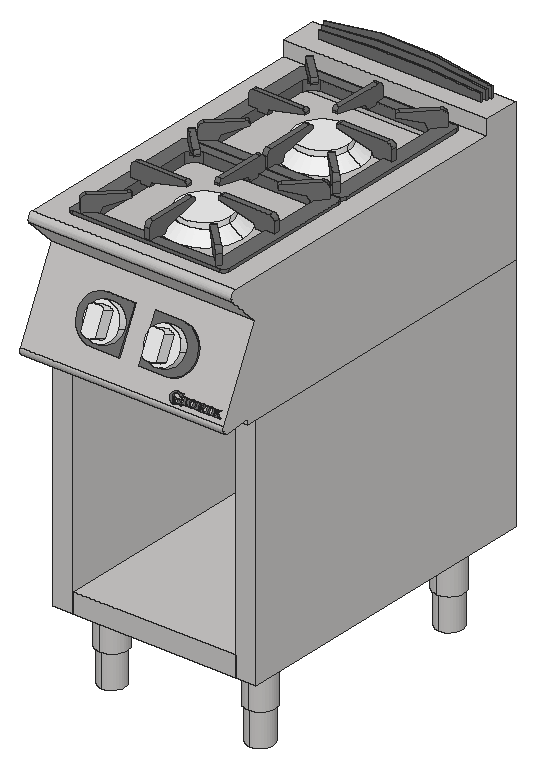
Revit family "QF_GIORIK_ECG720G", category Specialty Equipment, Revit 2014
Parameters (values of type "ECG720G")
  Weight in Pounds = 110.231
  URL Cutsheet = "www.giorik.com"
  URL = "www.giorik.com"
  Status [instance] = ""
  Specification by User [instance] = ""
  Specification by Manufacturer = ""
  Show Logo [instance] = yes
  Show Clearance [instance] = yes
  Serial Number = ""
  Seismic Rating = ""
  SMACNA No = ""
  Revision Code [instance] = ""
  NAFEM Spec ID Number = ""
  Model = "ECG720G"
  Mechanical Remarks [instance] = "Natural Gas"
  Mechanical Connection Type [instance] = ""
  Masterspec = ""
  Manufacturer = "GIORIK"
  Item Number [instance] = ""
  Installed By [instance] = ""
  Identify Quantity as Lot [instance] = no
  Gas Size = 1"
  Gas RI Height [instance] = 0 mm
  Gas KW = 9.5
  Gas Input = 9500 W
  Gas Connection Height [instance] = 150 mm
  Furnished By [instance] = ""
  Foodservice Equipment Identifier [instance] = yes
  Description = "2 BURNER GAS RANGE ON OPEN BASE UNIT"
  CSI MasterFormat = ""
  Assembly Code = "E1090320"
Reference planes
  plane 1 "Back": y = 0
  plane 2: z = 0
  plane 3 "Left": x = 0
  plane 4 "Right": x = 400
  plane 5 "Front": y = -720
  plane 6 "Top": z = 900
Forms (mm)
  Extrusion 1, solid
    sketch origin (-283.221, -963.345, 52.815) x (1, 0, 0) y (0, 0.452718, 0.891654)
      loop
        line (463.221, 676.25) -> (463.221, 766.25) -> (409.698, 766.25)
        arc (409.698, 766.25) -> (364.698, 721.25) -> (409.698, 676.25) r 45
        line (409.698, 676.25) -> (463.221, 676.25)
    from 48 to 50
  Extrusion 2, solid
    sketch origin (683.221, -963.345, 52.815) x (-1, 0, 0) y (0, -0.452718, -0.891654)
      loop
        line (463.221, -676.25) -> (409.698, -676.25)
        arc (409.698, -676.25) -> (364.698, -721.25) -> (409.698, -766.25) r 45
        line (409.698, -766.25) -> (463.221, -766.25) -> (463.221, -676.25)
    from 48 to 50
  Extrusion 3, solid
    sketch origin (-91.331, -1008.697, 75.411) x (1, 0, 0) y (0, 0.45351, 0.891251)
      loop
        circle (351.331, 721.346) r 35
    from 0 to 15
  Extrusion 4, solid
    sketch origin (-91.331, -1008.697, 75.411) x (1, 0, 0) y (0, 0.45351, 0.891251)
      loop
        line (336.331, 743.846) -> (336.331, 698.846)
        arc (336.331, 698.846) -> (351.331, 693.846) -> (366.331, 698.846) r 25
        line (366.331, 698.846) -> (366.331, 743.846)
        arc (366.331, 743.846) -> (351.331, 748.846) -> (336.331, 743.846) r 25
    from 15 to 40
  Extrusion 5, solid, visible <- "Show Logo"
    sketch origin (196.604, -736.761, 609.486) x (-1, 0, 0) y (0, 0.452718, 0.891654)
      loop
        line (-118.824, 58.358) -> (-127.804, 58.358) -> (-125.523, 56.445) -> (-125.523, 48.027) -> (-127.804, 46.113) -> (-118.824, 46.113) -> (-121.105, 48.027) -> (-121.105, 56.445) -> (-118.824, 58.358)
      loop
        line (-163.721, 58.358) -> (-172.7, 58.358) -> (-170.42, 56.445) -> (-170.42, 48.027) -> (-172.7, 46.113) -> (-163.721, 46.113) -> (-166.001, 48.027) -> (-166.001, 56.445) -> (-163.721, 58.358)
      loop
        line (-174.332, 58.358) -> (-183.312, 58.358) -> (-181.031, 56.445) -> (-181.031, 52.435) -> (-186.419, 56.955) -> (-184.416, 58.358) -> (-191.268, 58.358) -> (-188.01, 56.839) -> (-185.455, 54.283) -> (-190.846, 47.858) -> (-193.396, 46.93) -> (-193.396, 46.113) -> (-184.416, 46.113) -> (-185.437, 47.571) -> (-182.443, 51.552) -> (-181.031, 50.894) -> (-181.031, 48.027) -> (-183.312, 46.113) -> (-174.332, 46.113) -> (-176.613, 48.027) -> (-176.613, 56.445) -> (-174.332, 58.358)
      loop
        line (-115.429, 62.063) -> (-115.429, 54.198)
        arc (-115.429, 54.198) -> (-111.618, 57.803) -> (-106.847, 59.986) r 16.039
        arc (-106.847, 59.986) -> (-103.314, 59.837) -> (-100.512, 57.68) r 5.851
        arc (-100.512, 57.68) -> (-98.815, 52.267) -> (-100.512, 46.853) r 9.479
        arc (-100.512, 46.853) -> (-102.406, 44.986) -> (-104.846, 43.93) r 7.236
        arc (-104.846, 43.93) -> (-107.728, 44.111) -> (-110.052, 45.825) r 5.11
        line (-110.052, 45.825) -> (-110.052, 52.001) -> (-116.141, 52.001) -> (-116.141, 45.503) -> (-117.893, 43.751) -> (-114.094, 44.769)
        arc (-114.094, 44.769) -> (-112.56, 44.947) -> (-111.129, 44.366) r 3.115
        arc (-111.129, 44.366) -> (-104.216, 42.091) -> (-97.303, 44.366) r 11.641
        arc (-97.303, 44.366) -> (-93.396, 52.107) -> (-97.303, 59.849) r 9.622
        arc (-97.303, 59.849) -> (-104.369, 62.174) -> (-111.435, 59.849) r 11.898
        line (-111.435, 59.849) -> (-115.429, 62.063)
      loop
        arc (-129.234, 56.068) -> (-135.893, 58.628) -> (-142.552, 56.068) r 9.941
        arc (-142.552, 56.068) -> (-144.234, 52.286) -> (-142.552, 48.505) r 5.093
        arc (-142.552, 48.505) -> (-135.893, 45.945) -> (-129.234, 48.505) r 9.941
        arc (-129.234, 48.505) -> (-127.552, 52.286) -> (-129.234, 56.068) r 5.093
      loop
        arc (-132.628, 54.403) -> (-135.893, 57.668) -> (-139.158, 54.403) r 3.265
        line (-139.158, 54.403) -> (-139.158, 50.169)
        arc (-139.158, 50.169) -> (-135.893, 46.904) -> (-132.628, 50.169) r 3.265
        line (-132.628, 50.169) -> (-132.628, 54.403)
      loop
        arc (-156.363, 58.365) -> (-159.647, 55.081) -> (-156.363, 51.796) r 3.285
        line (-156.363, 51.796) -> (-159.529, 47.306) -> (-162.087, 46.113) -> (-155.847, 46.113) -> (-153.529, 51.083) -> (-150.637, 51.083) -> (-150.637, 47.784) -> (-153.022, 46.113) -> (-144.011, 46.113) -> (-146.094, 47.68) -> (-146.094, 56.493) -> (-144.229, 58.365) -> (-156.363, 58.365)
      loop
        line (-150.637, 57.512) -> (-153.637, 57.512)
        arc (-153.637, 57.512) -> (-156.237, 54.912) -> (-153.637, 52.312) r 2.6
        line (-153.637, 52.312) -> (-150.637, 52.312) -> (-150.637, 57.512)
      loop
        line (-108.924, 52.001) -> (-104.936, 49.005) -> (-100.948, 52.001) -> (-108.924, 52.001)
    from 1.5 to -0.5
  Extrusion 6, solid
    sketch origin (491.331, -1008.697, 75.411) x (-1, 0, 0) y (0, -0.45351, -0.891251)
      loop
        circle (351.331, -721.346) r 35
    from 0 to 15
  Extrusion 7, solid
    sketch origin (491.331, -1008.697, 75.411) x (-1, 0, 0) y (0, -0.45351, -0.891251)
      loop
        arc (336.331, -743.846) -> (351.331, -748.846) -> (366.331, -743.846) r 25
        line (366.331, -743.846) -> (366.331, -698.846)
        arc (366.331, -698.846) -> (351.331, -693.846) -> (336.331, -698.846) r 25
        line (336.331, -698.846) -> (336.331, -743.846)
    from 15 to 40
  Extrusion 8, solid
    sketch origin (-16, 1025.81, 0) x (1, 0, 0) y (0, 1, 0)
      loop
        line (25, -1086.81) -> (25, -1156.81) -> (115, -1156.81) -> (115, -1086.81) -> (25, -1086.81)
    from 148 to 150
  Extrusion 9, solid
    sketch origin (0, 0, 0) x (1, 0, 0) y (0, 1, 0)
      loop
        line (40, -40) -> (40, -640) -> (360, -640) -> (360, -40) -> (40, -40)
    from 150 to 190
  Extrusion 10, solid
    sketch origin (416, 1025.81, 0) x (-1, 0, 0) y (0, -1, 0)
      loop
        line (25, 1086.81) -> (115, 1086.81) -> (115, 1156.81) -> (25, 1156.81) -> (25, 1086.81)
    from 148 to 150
  Extrusion 11, solid
    sketch origin (-4, 0, 130) x (1, 0, 0) y (0, 1, 0)
      loop
        circle (54, -385) r 12.5
    from 0 to 20
  Extrusion 12, solid
    sketch origin (0, 1000, -20) x (0, 1, 0) y (0, 0, 1)
      loop
        line (-1000, 919.988) -> (-1070, 919.988) -> (-1070, 889.988) -> (-1688.806, 889.988)
        arc (-1688.806, 889.988) -> (-1699.151, 883.075) -> (-1696.724, 870.873) r 11.197
        line (-1696.724, 870.873) -> (-1640.876, 815.025) -> (-1718.948, 661.258)
        arc (-1718.948, 661.258) -> (-1718.233, 650.105) -> (-1708.118, 645.354) r 10.981
        line (-1708.118, 645.354) -> (-1660, 649.925) -> (-1660, 640) -> (-1000, 640) -> (-1000, 919.988)
    from 0 to 400
  Extrusion 13, solid
    sketch origin (0, 0, 599.536) x (1, 0, 0) y (0, 1, 0)
      loop
        line (0, -640) -> (40, -640) -> (40, -40) -> (360, -40) -> (360, -640) -> (400, -640) -> (400, 0) -> (0, 0) -> (0, -640)
    from -449.536 to 20.464
  Extrusion 14, solid
    sketch origin (0, 0, 0) x (1, 0, 0) y (0, 1, 0)
      loop
        line (40, -40) -> (40, -640) -> (360, -640) -> (360, -40) -> (40, -40)
    from 150 to 190
  Extrusion 15, solid
    sketch origin (-16, 560.81, 0) x (1, 0, 0) y (0, 1, 0)
      loop
        line (25, -1086.81) -> (25, -1156.81) -> (115, -1156.81) -> (115, -1086.81) -> (25, -1086.81)
    from 148 to 150
  Revolve 16, solid
    sketch origin (54, 560.81, 0) x (0, 1, 0) y (0, 0, 1)
      loop
        line (-1092.56, 66) -> (-1092.56, 148) -> (-1121.81, 148) -> (-1121.81, 0) -> (-1096.81, 0) -> (-1096.81, 66) -> (-1092.56, 66)
      axis (-1121.81, 0) -> (-1121.81, 148)
    angle from 0 to 360
  Extrusion 17, solid
    sketch origin (416, 560.81, 0) x (-1, 0, 0) y (0, -1, 0)
      loop
        line (25, 1086.81) -> (115, 1086.81) -> (115, 1156.81) -> (25, 1156.81) -> (25, 1086.81)
    from 148 to 150
  Extrusion 18, solid
    sketch origin (-94, 0, -10.001) x (1, 0, 0) y (0, 0, 1)
      loop
        line (135, 909.989) -> (453, 909.989) -> (453, 925.527) -> (347.056, 931.749) -> (240.944, 931.749) -> (135, 925.527) -> (135, 909.989)
    from 32 to 35
  Extrusion 19, solid
    sketch origin (-92, 10, -10.001) x (1, 0, 0) y (0, 0, 1)
      loop
        line (454, 909.989) -> (454, 928.527) -> (346.162, 939.193) -> (237.838, 939.193) -> (130, 928.527) -> (130, 909.989) -> (454, 909.989)
    from 32 to 35
  Extrusion 20, solid
    sketch origin (-90, 20, -10.001) x (1, 0, 0) y (0, 0, 1)
      loop
        line (455, 909.989) -> (455, 930.527) -> (345.396, 947.413) -> (234.604, 947.413) -> (125, 930.527) -> (125, 909.989) -> (455, 909.989)
    from 32 to 35
  Extrusion 21, void
    sketch origin (0, 0, 900) x (0, 1, 0) y (-1, 0, 0)
      loop
        arc (-90, -65) -> (-92.929, -57.929) -> (-100, -55) r 10
        line (-100, -55) -> (-640.565, -55)
        arc (-640.565, -55) -> (-647.636, -57.929) -> (-650.565, -65) r 10
        line (-650.565, -65) -> (-650.565, -335)
        arc (-650.565, -335) -> (-647.636, -342.071) -> (-640.565, -345) r 10
        line (-640.565, -345) -> (-100, -345)
        arc (-100, -345) -> (-92.929, -342.071) -> (-90, -335) r 10
        line (-90, -335) -> (-90, -65)
    from -30.012 to -60
  Revolve 22, solid
    sketch origin (346, 560.81, 0) x (0, 1, 0) y (0, 0, 1)
      loop
        line (-1092.56, 66) -> (-1092.56, 148) -> (-1121.81, 148) -> (-1121.81, 0) -> (-1096.81, 0) -> (-1096.81, 66) -> (-1092.56, 66)
      axis (-1121.81, 0) -> (-1121.81, 148)
    angle from 0 to 360
  Revolve 23, solid
    sketch origin (346, 1025.81, 0) x (0, 1, 0) y (0, 0, 1)
      loop
        line (-1092.56, 66) -> (-1092.56, 148) -> (-1121.81, 148) -> (-1121.81, 0) -> (-1096.81, 0) -> (-1096.81, 66) -> (-1092.56, 66)
      axis (-1121.81, 0) -> (-1121.81, 148)
    angle from 0 to 360
  Revolve 24, solid
    sketch origin (54, 1025.81, 0) x (0, 1, 0) y (0, 0, 1)
      loop
        line (-1092.56, 66) -> (-1092.56, 148) -> (-1121.81, 148) -> (-1121.81, 0) -> (-1096.81, 0) -> (-1096.81, 66) -> (-1092.56, 66)
      axis (-1121.81, 0) -> (-1121.81, 148)
    angle from 0 to 360
  Extrusion 25, solid
    sketch origin (0, 10, 22.988) x (1, 0, 0) y (0, 1, 0)
      loop
        line (45, -100) -> (45, -370)
        arc (45, -370) -> (47.929, -377.071) -> (55, -380) r 10
        line (55, -380) -> (345, -380)
        arc (345, -380) -> (352.071, -377.071) -> (355, -370) r 10
        line (355, -370) -> (355, -100)
        arc (355, -100) -> (352.071, -92.929) -> (345, -90) r 10
        line (345, -90) -> (55, -90)
        arc (55, -90) -> (47.929, -92.929) -> (45, -100) r 10
      loop
        arc (95, -110) -> (80.858, -115.858) -> (75, -130) r 20
        line (75, -130) -> (75, -340)
        arc (75, -340) -> (80.858, -354.142) -> (95, -360) r 20
        line (95, -360) -> (305, -360)
        arc (305, -360) -> (319.142, -354.142) -> (325, -340) r 20
        line (325, -340) -> (325, -130)
        arc (325, -130) -> (319.142, -115.858) -> (305, -110) r 20
        line (305, -110) -> (95, -110)
    from 831.989 to 851.989
  Extrusion 26, solid
    sketch origin (0, -750, 22.988) x (1, 0, 0) y (0, 1, 0)
      loop
        arc (45, 100) -> (47.929, 92.929) -> (55, 90) r 10
        line (55, 90) -> (345, 90)
        arc (345, 90) -> (352.071, 92.929) -> (355, 100) r 10
        line (355, 100) -> (355, 370)
        arc (355, 370) -> (352.071, 377.071) -> (345, 380) r 10
        line (345, 380) -> (55, 380)
        arc (55, 380) -> (47.929, 377.071) -> (45, 370) r 10
        line (45, 370) -> (45, 100)
      loop
        line (95, 110) -> (305, 110)
        arc (305, 110) -> (319.142, 115.858) -> (325, 130) r 20
        line (325, 130) -> (325, 340)
        arc (325, 340) -> (319.142, 354.142) -> (305, 360) r 20
        line (305, 360) -> (95, 360)
        arc (95, 360) -> (80.858, 354.142) -> (75, 340) r 20
        line (75, 340) -> (75, 130)
        arc (75, 130) -> (80.858, 115.858) -> (95, 110) r 20
    from 831.989 to 851.989
  Blend 27, solid
    base sketch origin (-0.046, -501.449, 910) x (0, -1, 0) y (1, 0, 0)
      loop
        circle (-276.449, 200.046) r 75
    top sketch origin (-0.046, -501.449, 910) x (0, -1, 0) y (1, 0, 0)
      loop
        circle (-276.449, 200.046) r 50
    from -70 to -50
  Extrusion 28, solid
    sketch origin (-0.046, 51.449, -19.988) x (1, 0, 0) y (0, 1, 0)
      loop
        circle (200.046, -276.449) r 50
    from 889.988 to 879.988
  Blend 29, solid
    base sketch origin (-0.046, -791.449, 910) x (0, -1, 0) y (1, 0, 0)
      loop
        circle (-276.449, 200.046) r 75
    top sketch origin (-0.046, -791.449, 910) x (0, -1, 0) y (1, 0, 0)
      loop
        circle (-276.449, 200.046) r 50
    from -70 to -50
  Extrusion 30, solid
    sketch origin (-0.046, -238.551, -19.988) x (1, 0, 0) y (0, 1, 0)
      loop
        circle (200.046, -276.449) r 50
    from 889.988 to 879.988
  Extrusion 31, solid
    sketch origin (240.72, -671.989, -66.001) x (0, 1, 0) y (0, 0, -1)
      loop
        line (15.989, -935.989) -> (15.989, -961)
        arc (15.989, -961) -> (18.918, -968.071) -> (25.989, -971) r 10
        line (25.989, -971) -> (119.989, -971)
        arc (119.989, -971) -> (124.232, -969.243) -> (125.989, -965) r 6
        line (125.989, -965) -> (125.989, -962) -> (55.875, -945.989) -> (52.235, -935.989) -> (15.989, -935.989)
    from 35.72 to 45.72
  Extrusion 32, solid
    sketch origin (30.305, -634.988, 2.19) x (0.707107, 0.707107, 0) y (0, 0, 1)
      loop
        line (85.748, 902.808) -> (21.748, 902.808)
        arc (21.748, 902.808) -> (14.677, 899.879) -> (11.748, 892.808) r 10
        line (11.748, 892.808) -> (11.748, 867.797) -> (40.514, 867.797) -> (46.895, 881.064) -> (91.748, 893.808) -> (91.748, 896.808)
        arc (91.748, 896.808) -> (89.991, 901.051) -> (85.748, 902.808) r 6
    from 30.148 to 40.148
  Extrusion 33, solid
    sketch origin (240.72, -358.011, -66.001) x (0, -1, 0) y (0, 0, 1)
      loop
        line (15.989, 935.989) -> (52.235, 935.989) -> (55.875, 945.989) -> (125.989, 962) -> (125.989, 965)
        arc (125.989, 965) -> (124.232, 969.243) -> (119.989, 971) r 6
        line (119.989, 971) -> (25.989, 971)
        arc (25.989, 971) -> (18.918, 968.071) -> (15.989, 961) r 10
        line (15.989, 961) -> (15.989, 935.989)
    from 35.72 to 45.72
  Extrusion 34, solid
    sketch origin (356.989, -555.72, -66.001) x (-1, 0, 0) y (0, 0, 1)
      loop
        line (15.989, 935.989) -> (52.235, 935.989) -> (55.875, 945.989) -> (125.989, 962) -> (125.989, 965)
        arc (125.989, 965) -> (124.232, 969.243) -> (119.989, 971) r 6
        line (119.989, 971) -> (25.989, 971)
        arc (25.989, 971) -> (18.918, 968.071) -> (15.989, 961) r 10
        line (15.989, 961) -> (15.989, 935.989)
    from 35.72 to 45.72
  Extrusion 35, solid
    sketch origin (43.011, -555.72, -66.001) x (1, 0, 0) y (0, 0, -1)
      loop
        line (15.989, -935.989) -> (15.989, -961)
        arc (15.989, -961) -> (18.918, -968.071) -> (25.989, -971) r 10
        line (25.989, -971) -> (119.989, -971)
        arc (119.989, -971) -> (124.232, -969.243) -> (125.989, -965) r 6
        line (125.989, -965) -> (125.989, -962) -> (55.875, -945.989) -> (52.235, -935.989) -> (15.989, -935.989)
    from 35.72 to 45.72
  Extrusion 36, solid
    sketch origin (369.695, -634.988, 2.19) x (-0.707107, 0.707107, 0) y (0, 0, -1)
      loop
        arc (85.748, -902.808) -> (89.991, -901.051) -> (91.748, -896.808) r 6
        line (91.748, -896.808) -> (91.748, -893.808) -> (46.895, -881.064) -> (40.514, -867.797) -> (11.748, -867.797) -> (11.748, -892.808)
        arc (11.748, -892.808) -> (14.677, -899.879) -> (21.748, -902.808) r 10
        line (21.748, -902.808) -> (85.748, -902.808)
    from 30.148 to 40.148
  Extrusion 37, solid
    sketch origin (369.695, -395.012, 2.19) x (-0.707107, -0.707107, 0) y (0, 0, 1)
      loop
        line (85.748, 902.808) -> (21.748, 902.808)
        arc (21.748, 902.808) -> (14.677, 899.879) -> (11.748, 892.808) r 10
        line (11.748, 892.808) -> (11.748, 867.797) -> (40.514, 867.797) -> (46.895, 881.064) -> (91.748, 893.808) -> (91.748, 896.808)
        arc (91.748, 896.808) -> (89.991, 901.051) -> (85.748, 902.808) r 6
    from 30.148 to 40.148
  Extrusion 38, solid
    sketch origin (30.305, -395.012, 2.19) x (0.707107, -0.707107, 0) y (0, 0, -1)
      loop
        arc (85.748, -902.808) -> (89.991, -901.051) -> (91.748, -896.808) r 6
        line (91.748, -896.808) -> (91.748, -893.808) -> (46.895, -881.064) -> (40.514, -867.797) -> (11.748, -867.797) -> (11.748, -892.808)
        arc (11.748, -892.808) -> (14.677, -899.879) -> (21.748, -902.808) r 10
        line (21.748, -902.808) -> (85.748, -902.808)
    from 30.148 to 40.148
  Extrusion 39, solid
    sketch origin (240.72, -68.011, -66.001) x (0, -1, 0) y (0, 0, 1)
      loop
        line (15.989, 935.989) -> (52.235, 935.989) -> (55.875, 945.989) -> (125.989, 962) -> (125.989, 965)
        arc (125.989, 965) -> (124.232, 969.243) -> (119.989, 971) r 6
        line (119.989, 971) -> (25.989, 971)
        arc (25.989, 971) -> (18.918, 968.071) -> (15.989, 961) r 10
        line (15.989, 961) -> (15.989, 935.989)
    from 35.72 to 45.72
  Extrusion 40, solid
    sketch origin (30.305, -105.012, 2.19) x (0.707107, -0.707107, 0) y (0, 0, -1)
      loop
        arc (85.748, -902.808) -> (89.991, -901.051) -> (91.748, -896.808) r 6
        line (91.748, -896.808) -> (91.748, -893.808) -> (46.895, -881.064) -> (40.514, -867.797) -> (11.748, -867.797) -> (11.748, -892.808)
        arc (11.748, -892.808) -> (14.677, -899.879) -> (21.748, -902.808) r 10
        line (21.748, -902.808) -> (85.748, -902.808)
    from 30.148 to 40.148
  Extrusion 41, solid
    sketch origin (240.72, -381.989, -66.001) x (0, 1, 0) y (0, 0, -1)
      loop
        line (15.989, -935.989) -> (15.989, -961)
        arc (15.989, -961) -> (18.918, -968.071) -> (25.989, -971) r 10
        line (25.989, -971) -> (119.989, -971)
        arc (119.989, -971) -> (124.232, -969.243) -> (125.989, -965) r 6
        line (125.989, -965) -> (125.989, -962) -> (55.875, -945.989) -> (52.235, -935.989) -> (15.989, -935.989)
    from 35.72 to 45.72
  Extrusion 42, solid
    sketch origin (356.989, -184.279, -66.001) x (-1, 0, 0) y (0, 0, -1)
      loop
        line (15.989, -935.989) -> (15.989, -961)
        arc (15.989, -961) -> (18.918, -968.071) -> (25.989, -971) r 10
        line (25.989, -971) -> (119.989, -971)
        arc (119.989, -971) -> (124.232, -969.243) -> (125.989, -965) r 6
        line (125.989, -965) -> (125.989, -962) -> (55.875, -945.989) -> (52.235, -935.989) -> (15.989, -935.989)
    from 35.72 to 45.72
  Extrusion 43, solid
    sketch origin (43.011, -184.279, -66.001) x (1, 0, 0) y (0, 0, 1)
      loop
        line (15.989, 935.989) -> (52.235, 935.989) -> (55.875, 945.989) -> (125.989, 962) -> (125.989, 965)
        arc (125.989, 965) -> (124.232, 969.243) -> (119.989, 971) r 6
        line (119.989, 971) -> (25.989, 971)
        arc (25.989, 971) -> (18.918, 968.071) -> (15.989, 961) r 10
        line (15.989, 961) -> (15.989, 935.989)
    from 35.72 to 45.72
  Extrusion 44, solid
    sketch origin (369.695, -105.012, 2.19) x (-0.707107, -0.707107, 0) y (0, 0, 1)
      loop
        line (85.748, 902.808) -> (21.748, 902.808)
        arc (21.748, 902.808) -> (14.677, 899.879) -> (11.748, 892.808) r 10
        line (11.748, 892.808) -> (11.748, 867.797) -> (40.514, 867.797) -> (46.895, 881.064) -> (91.748, 893.808) -> (91.748, 896.808)
        arc (91.748, 896.808) -> (89.991, 901.051) -> (85.748, 902.808) r 6
    from 30.148 to 40.148
  Extrusion 45, solid
    sketch origin (369.695, -344.988, 2.19) x (-0.707107, 0.707107, 0) y (0, 0, -1)
      loop
        arc (85.748, -902.808) -> (89.991, -901.051) -> (91.748, -896.808) r 6
        line (91.748, -896.808) -> (91.748, -893.808) -> (46.895, -881.064) -> (40.514, -867.797) -> (11.748, -867.797) -> (11.748, -892.808)
        arc (11.748, -892.808) -> (14.677, -899.879) -> (21.748, -902.808) r 10
        line (21.748, -902.808) -> (85.748, -902.808)
    from 30.148 to 40.148
  Extrusion 46, solid
    sketch origin (30.305, -344.988, 2.19) x (0.707107, 0.707107, 0) y (0, 0, 1)
      loop
        line (85.748, 902.808) -> (21.748, 902.808)
        arc (21.748, 902.808) -> (14.677, 899.879) -> (11.748, 892.808) r 10
        line (11.748, 892.808) -> (11.748, 867.797) -> (40.514, 867.797) -> (46.895, 881.064) -> (91.748, 893.808) -> (91.748, 896.808)
        arc (91.748, 896.808) -> (89.991, 901.051) -> (85.748, 902.808) r 6
    from 30.148 to 40.148
Cuts and joins
  Extrusion 21 cuts Extrusion 12
Lines and regions (mm)
  symbolic lines, style "200-EquipBorder-2D"
    curve 1: line (0, -720, 0) -> (400, -720, 0)
    curve 2: line (400, -720, 0) -> (400, 0, 0)
    curve 3: line (400, 0, 0) -> (0, 0, 0)
    curve 4: line (0, 0, 0) -> (0, -720, 0)
  symbolic lines, style "200-EquipInternal-2D"
    curve 5: line (35, -12, 900) -> (365, -12, 900)
    curve 6: line (365, -12, 900) -> (365, -15, 900)
    curve 7: line (365, -15, 900) -> (35, -15, 900)
    curve 8: line (35, -15, 900) -> (35, -12, 900)
    curve 9: line (38, -22, 900) -> (362, -22, 900)
    curve 10: line (362, -22, 900) -> (362, -25, 900)
    curve 11: line (362, -25, 900) -> (38, -25, 900)
    curve 12: line (38, -25, 900) -> (38, -22, 900)
    curve 13: line (41, -32, 900) -> (359, -32, 900)
    curve 14: line (359, -32, 900) -> (359, -35, 900)
    curve 15: line (359, -35, 900) -> (41, -35, 900)
    curve 16: line (41, -35, 900) -> (41, -32, 900)
    curve 17: line (345, -370, 900) -> (55, -370, 900)
    curve 18: arc (345, -370, 900) -> (352.071, -367.071, 900) -> (355, -360, 900) r 10
    curve 19: line (355, -360, 900) -> (355, -90, 900)
    curve 20: arc (45, -360, 900) -> (47.929, -367.071, 900) -> (55, -370, 900) r 10
    curve 21: line (45, -90, 900) -> (45, -360, 900)
    curve 22: line (345, -80, 900) -> (55, -80, 900)
    curve 23: arc (55, -80, 900) -> (47.929, -82.929, 900) -> (45, -90, 900) r 10
    curve 24: arc (355, -90, 900) -> (352.071, -82.929, 900) -> (345, -80, 900) r 10
    curve 25: line (0, -70, 900) -> (400, -70, 900)
    curve 26: arc (75, -330, 900) -> (75.705, -335.264, 900) -> (77.771, -340.158, 900) r 20
    curve 27: line (205, -350, 900) -> (305, -350, 900)
    curve 28: line (75, -230, 900) -> (75, -330, 900)
    curve 29: arc (305, -350, 900) -> (310.264, -349.295, 900) -> (315.158, -347.229, 900) r 20
    curve 30: line (325, -220, 900) -> (325, -120, 900)
    curve 31: arc (325, -120, 900) -> (324.295, -114.736, 900) -> (322.229, -109.842, 900) r 20
    curve 32: line (195, -100, 900) -> (95, -100, 900)
    curve 33: arc (77.771, -109.842, 900) -> (75.705, -114.736, 900) -> (75, -120, 900) r 20
    curve 34: line (195, -366, 900) -> (205, -366, 900)
    curve 35: line (205, -366, 900) -> (205, -256, 900)
    curve 36: line (205, -256, 900) -> (195, -256, 900)
    curve 37: line (195, -256, 900) -> (195, -366, 900)
    curve 38: line (276.43, -308.501, 900) -> (332.999, -365.07, 900)
    curve 39: line (332.999, -365.07, 900) -> (340.07, -357.999, 900)
    curve 40: line (340.07, -357.999, 900) -> (283.501, -301.43, 900)
    curve 41: line (283.501, -301.43, 900) -> (276.43, -308.501, 900)
    curve 42: line (325, -330, 900) -> (325, -230, 900)
    curve 43: line (325, -230, 900) -> (341, -230, 900)
    curve 44: line (341, -230, 900) -> (341, -220, 900)
    curve 45: line (341, -220, 900) -> (231, -220, 900)
    curve 46: line (231, -220, 900) -> (231, -230, 900)
    curve 47: line (231, -230, 900) -> (325, -230, 900)
    curve 48: line (67.001, -365.07, 900) -> (59.93, -357.999, 900)
    curve 49: line (123.57, -308.501, 900) -> (67.001, -365.07, 900)
    curve 50: line (59.93, -357.999, 900) -> (116.499, -301.43, 900)
    curve 51: line (116.499, -301.43, 900) -> (123.57, -308.501, 900)
    curve 52: line (169, -230, 900) -> (59, -230, 900)
    curve 53: line (59, -220, 900) -> (169, -220, 900)
    curve 54: line (169, -220, 900) -> (169, -230, 900)
    curve 55: line (59, -230, 900) -> (59, -220, 900)
    curve 56: line (205, -194, 900) -> (195, -194, 900)
    curve 57: line (195, -194, 900) -> (195, -84, 900)
    curve 58: line (205, -84, 900) -> (205, -194, 900)
    curve 59: line (195, -84, 900) -> (205, -84, 900)
    curve 60: line (276.43, -141.499, 900) -> (332.999, -84.93, 900)
    curve 61: line (340.07, -92.001, 900) -> (283.501, -148.57, 900)
    curve 62: line (283.501, -148.57, 900) -> (276.43, -141.499, 900)
    curve 63: line (332.999, -84.93, 900) -> (340.07, -92.001, 900)
    curve 64: line (116.499, -148.57, 900) -> (59.93, -92.001, 900)
    curve 65: line (123.57, -141.499, 900) -> (116.499, -148.57, 900)
    curve 66: line (67.001, -84.93, 900) -> (123.57, -141.499, 900)
    curve 67: line (59.93, -92.001, 900) -> (67.001, -84.93, 900)
    curve 68: line (95, -350, 900) -> (195, -350, 900)
    curve 69: line (75, -220, 900) -> (75, -120, 900)
    curve 70: line (305, -100, 900) -> (205, -100, 900)
    curve 71: arc (305, -100, 900) -> (310.264, -100.705, 900) -> (315.158, -102.771, 900) r 20
    curve 72: arc (95, -100, 900) -> (89.736, -100.705, 900) -> (84.842, -102.771, 900) r 20
    curve 73: arc (325, -330, 900) -> (324.295, -335.264, 900) -> (322.229, -340.157, 900) r 20
    curve 74: arc (95, -350, 900) -> (89.736, -349.295, 900) -> (84.843, -347.229, 900) r 20
    curve 75: arc (195, -175.251, 900) -> (164.645, -189.645, 900) -> (150.251, -220, 900) r 50
    curve 76: arc (195, -150.451, 900) -> (147.167, -172.167, 900) -> (125.451, -220, 900) r 74.717
    curve 77: arc (205, -175.251, 900) -> (235.355, -189.645, 900) -> (249.749, -220, 900) r 50
    curve 78: arc (205, -150.167, 900) -> (253.033, -171.967, 900) -> (274.833, -220, 900) r 75
    curve 79: arc (205, -274.749, 900) -> (235.355, -260.355, 900) -> (249.749, -230, 900) r 50
    curve 80: arc (205, -299.833, 900) -> (253.033, -278.033, 900) -> (274.833, -230, 900) r 75
    curve 81: arc (195, -274.749, 900) -> (164.645, -260.355, 900) -> (150.251, -230, 900) r 50
    curve 82: arc (125.167, -230, 900) -> (146.967, -278.033, 900) -> (195, -299.833, 900) r 75
    curve 83: arc (345, -370, 900) -> (352.071, -372.929, 900) -> (355, -380, 900) r 10
    curve 84: line (355, -380, 900) -> (355, -650, 900)
    curve 85: arc (45, -380, 900) -> (47.929, -372.929, 900) -> (55, -370, 900) r 10
    curve 86: line (45, -650, 900) -> (45, -380, 900)
    curve 87: line (345, -660, 900) -> (55, -660, 900)
    curve 88: arc (55, -660, 900) -> (47.929, -657.071, 900) -> (45, -650, 900) r 10
    curve 89: arc (355, -650, 900) -> (352.071, -657.071, 900) -> (345, -660, 900) r 10
    curve 90: arc (75, -410, 900) -> (75.705, -404.735, 900) -> (77.771, -399.842, 900) r 20
    curve 91: line (205, -390, 900) -> (305, -390, 900)
    curve 92: line (75, -510, 900) -> (75, -410, 900)
    curve 93: arc (305, -390, 900) -> (310.264, -390.705, 900) -> (315.158, -392.771, 900) r 20
    curve 94: line (325, -520, 900) -> (325, -620, 900)
    curve 95: arc (325, -620, 900) -> (324.295, -625.264, 900) -> (322.229, -630.157, 900) r 20
    curve 96: line (195, -640, 900) -> (95, -640, 900)
    curve 97: arc (77.771, -630.157, 900) -> (75.705, -625.264, 900) -> (75, -620, 900) r 20
    curve 98: line (195, -374, 900) -> (205, -374, 900)
    curve 99: line (205, -374, 900) -> (205, -484, 900)
    curve 100: line (205, -484, 900) -> (195, -484, 900)
    curve 101: line (195, -484, 900) -> (195, -374, 900)
    curve 102: line (276.43, -431.499, 900) -> (332.999, -374.93, 900)
    curve 103: line (332.999, -374.93, 900) -> (340.07, -382.001, 900)
    curve 104: line (340.07, -382.001, 900) -> (283.501, -438.57, 900)
    curve 105: line (283.501, -438.57, 900) -> (276.43, -431.499, 900)
    curve 106: line (325, -410, 900) -> (325, -510, 900)
    curve 107: line (325, -510, 900) -> (341, -510, 900)
    curve 108: line (341, -510, 900) -> (341, -520, 900)
    curve 109: line (341, -520, 900) -> (231, -520, 900)
    curve 110: line (231, -520, 900) -> (231, -510, 900)
    curve 111: line (231, -510, 900) -> (325, -510, 900)
    curve 112: line (67.001, -374.93, 900) -> (59.93, -382.001, 900)
    curve 113: line (123.57, -431.499, 900) -> (67.001, -374.93, 900)
    curve 114: line (59.93, -382.001, 900) -> (116.499, -438.57, 900)
    curve 115: line (116.499, -438.57, 900) -> (123.57, -431.499, 900)
    curve 116: line (169, -510, 900) -> (59, -510, 900)
    curve 117: line (59, -520, 900) -> (169, -520, 900)
    curve 118: line (169, -520, 900) -> (169, -510, 900)
    curve 119: line (59, -510, 900) -> (59, -520, 900)
    curve 120: line (205, -546, 900) -> (195, -546, 900)
    curve 121: line (195, -546, 900) -> (195, -656, 900)
    curve 122: line (205, -656, 900) -> (205, -546, 900)
    curve 123: line (195, -656, 900) -> (205, -656, 900)
    curve 124: line (276.43, -598.501, 900) -> (332.999, -655.07, 900)
    curve 125: line (340.07, -647.999, 900) -> (283.501, -591.43, 900)
    curve 126: line (283.501, -591.43, 900) -> (276.43, -598.501, 900)
    curve 127: line (332.999, -655.07, 900) -> (340.07, -647.999, 900)
    curve 128: line (116.499, -591.43, 900) -> (59.93, -647.999, 900)
    curve 129: line (123.57, -598.501, 900) -> (116.499, -591.43, 900)
    curve 130: line (67.001, -655.07, 900) -> (123.57, -598.501, 900)
    curve 131: line (59.93, -647.999, 900) -> (67.001, -655.07, 900)
    curve 132: line (95, -390, 900) -> (195, -390, 900)
    curve 133: line (75, -520, 900) -> (75, -620, 900)
    curve 134: line (305, -640, 900) -> (205, -640, 900)
    curve 135: arc (305, -640, 900) -> (310.264, -639.295, 900) -> (315.158, -637.229, 900) r 20
    curve 136: arc (95, -640, 900) -> (89.736, -639.295, 900) -> (84.842, -637.229, 900) r 20
    curve 137: arc (325, -410, 900) -> (324.295, -404.736, 900) -> (322.229, -399.842, 900) r 20
    curve 138: arc (95, -390, 900) -> (89.736, -390.705, 900) -> (84.843, -392.771, 900) r 20
    curve 139: arc (195, -564.749, 900) -> (164.645, -550.355, 900) -> (150.251, -520, 900) r 50
    curve 140: arc (195, -589.549, 900) -> (147.167, -567.833, 900) -> (125.451, -520, 900) r 74.717
    curve 141: arc (205, -564.749, 900) -> (235.355, -550.355, 900) -> (249.749, -520, 900) r 50
    curve 142: arc (205, -589.833, 900) -> (253.033, -568.033, 900) -> (274.833, -520, 900) r 75
    curve 143: arc (205, -465.251, 900) -> (235.355, -479.645, 900) -> (249.749, -510, 900) r 50
    curve 144: arc (205, -440.167, 900) -> (253.033, -461.967, 900) -> (274.833, -510, 900) r 75
    curve 145: arc (195, -465.251, 900) -> (164.645, -479.645, 900) -> (150.251, -510, 900) r 50
    curve 146: arc (125.167, -510, 900) -> (146.967, -461.967, 900) -> (195, -440.167, 900) r 75
Dimensions and locks
  plane 3 "Left" to plane 4 "Right" = 400 mm
  plane 5 "Front" to plane 1 "Back" = 720 mm
  plane 4 "Right" to plane 3 "Left" = 400 mm
  plane 1 "Back" to plane 5 "Front" = 720 mm
  plane 6 "Top" to level = 900 mm  (x2)
  aligned and locked: level to plane 2
Connectors
  piping at (50, -385, 130), diameter 25.4, driven by "Gas Size"
    settings: on Extrusion 11, index 1, connector inside diameter 24", connector length 0 mm, flow factor 0, pipe flow 0.0 L/s, pressure drop 0.0 Pa, fitting loss kfactor 0, connector angle 0.00°, fixture units 0, engagement length 0 mm, angle of deflection 0.00°, flow configuration 1, flow direction 1, fitting loss method 0, system type 22, joint type 0, gender type 0, connector reference index -1, connector utility 0, adjustable connector no, is connector primary yes, connector description "Gas inlet"
